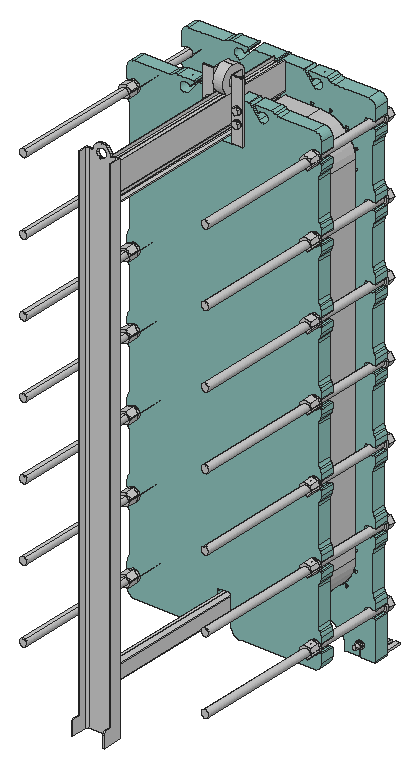
Revit family "MIT 585 - Heat Exchanger", category Specialty Equipment, Revit 2022 (continued)
Automatic sketch dimensions
  level to Extrusion 9 sketch curve = 488.474 mm
  Extrusion 9 sketch curve to Extrusion 9 sketch curve = 13.863 mm  (x24)
  Extrusion 9 sketch curve to Extrusion 9 sketch curve = 14.87 mm  (x24)
  Extrusion 9 sketch curve to Extrusion 9 sketch curve = 11.892 mm  (x24)
  Extrusion 9 sketch curve to Extrusion 9 sketch curve = 9.142 mm  (x24)
  Extrusion 9 sketch curve to Extrusion 9 sketch curve = 5.728 mm  (x24)
  Extrusion 9 sketch curve to Extrusion 9 sketch curve = 1.971 mm  (x24)
  Extrusion 10 sketch curve to plane 3 "Center (Left/Right)" = 333.283 mm  (x2)
  Extrusion 10 sketch curve to plane 11 "12" = 40.073 mm  (x2)
  Extrusion 10 sketch curve to Extrusion 10 sketch curve = 0.969 mm  (x2)
  plane 11 "12" to Extrusion 10 sketch curve = 43.687 mm  (x2)
  plane 11 "12" to Extrusion 10 sketch curve = 29.379 mm  (x2)
  Extrusion 10 sketch curve to Extrusion 10 sketch curve = 1.897 mm  (x64)
  Extrusion 10 sketch curve to Extrusion 10 sketch curve = 5.512 mm  (x73)
  Extrusion 10 sketch curve to plane 11 "12" = 26.733 mm  (x2)
  Extrusion 10 sketch curve to plane 11 "12" = 51.516 mm  (x4)
  Extrusion 10 sketch curve to Extrusion 10 sketch curve = 8.797 mm  (x65)
  plane 11 "12" to Extrusion 10 sketch curve = 52.484 mm  (x2)
  Extrusion 10 sketch curve to Extrusion 10 sketch curve = 11.443 mm  (x62)
  plane 11 "12" to Extrusion 10 sketch curve = 23.867 mm  (x4)
  Extrusion 10 sketch curve to Extrusion 10 sketch curve = 13.34 mm  (x84)
  Extrusion 10 sketch curve to Extrusion 10 sketch curve = 14.309 mm  (x92)
  Extrusion 10 sketch curve to plane 11 "12" = 24.836 mm  (x2)
  Extrusion 10 sketch curve to plane 11 "12" = 49.619 mm  (x2)
  plane 11 "12" to Extrusion 10 sketch curve = 46.973 mm  (x2)
  plane 11 "12" to Extrusion 10 sketch curve = 32.664 mm  (x2)
  Extrusion 10 sketch curve to plane 11 "12" = 36.279 mm  (x2)
  Extrusion 10 sketch curve to plane 11 "12" = 102.401 mm  (x2)
  Extrusion 10 sketch curve to Extrusion 10 sketch curve = 15.07 mm  (x4)
  plane 11 "12" to Extrusion 10 sketch curve = 102.401 mm  (x2)
  Extrusion 10 sketch curve to Extrusion 10 sketch curve = 25.764 mm  (x4)
  plane 11 "12" to Extrusion 10 sketch curve = 115.741 mm  (x2)
  Extrusion 10 sketch curve to plane 11 "12" = 115.741 mm  (x2)
  plane 11 "12" to Extrusion 10 sketch curve = 90.958 mm  (x2)
  Extrusion 10 sketch curve to plane 11 "12" = 90.958 mm  (x2)
  Extrusion 10 sketch curve to plane 11 "12" = 117.638 mm  (x2)
  plane 11 "12" to Extrusion 10 sketch curve = 117.638 mm  (x2)
  Extrusion 10 sketch curve to plane 11 "12" = 92.855 mm  (x2)
  plane 11 "12" to Extrusion 10 sketch curve = 92.855 mm  (x2)
  Extrusion 10 sketch curve to plane 11 "12" = 106.195 mm  (x2)
  plane 11 "12" to Extrusion 10 sketch curve = 106.195 mm  (x2)
  Extrusion 10 sketch curve to Extrusion 10 sketch curve = 46.302 mm  (x4)
  Extrusion 10 sketch curve to Extrusion 10 sketch curve = 47.271 mm  (x4)
  Extrusion 10 sketch curve to Extrusion 10 sketch curve = 47.734 mm  (x4)
  Extrusion 10 sketch curve to Extrusion 10 sketch curve = 49.672 mm  (x4)
  Extrusion 10 sketch curve to Extrusion 10 sketch curve = 43.017 mm  (x4)
  Extrusion 10 sketch curve to Extrusion 10 sketch curve = 40.371 mm  (x4)
  Extrusion 10 sketch curve to plane 3 "Center (Left/Right)" = 48.335 mm  (x2)
  Extrusion 10 sketch curve to plane 3 "Center (Left/Right)" = 47.366 mm  (x2)
  plane 3 "Center (Left/Right)" to Extrusion 10 sketch curve = 19.717 mm  (x2)
  plane 3 "Center (Left/Right)" to Extrusion 10 sketch curve = 20.686 mm  (x2)
  Extrusion 10 sketch curve to Extrusion 10 sketch curve = 18.356 mm  (x2)
  Extrusion 10 sketch curve to Extrusion 10 sketch curve = 19.324 mm  (x2)
  Extrusion 10 sketch curve to Extrusion 10 sketch curve = 22.939 mm  (x7)
  Extrusion 10 sketch curve to Extrusion 10 sketch curve = 0.00 mm  (x4)
  level to Extrusion 10 sketch curve = 502.783 mm
  Extrusion 10 sketch curve to Extrusion 10 sketch curve = 16.039 mm  (x4)
  Extrusion 10 sketch curve to Extrusion 10 sketch curve = 38.474 mm  (x4)
  Extrusion 10 sketch curve to Extrusion 10 sketch curve = 48.703 mm  (x4)
  Extrusion 10 sketch curve to Extrusion 10 sketch curve = 41.339 mm  (x4)
  Extrusion 10 sketch curve to Extrusion 10 sketch curve = 26.733 mm  (x2)
  Extrusion 10 sketch curve to Extrusion 10 sketch curve = 43.985 mm  (x2)
  Extrusion 10 sketch curve to Extrusion 10 sketch curve = 21.97 mm  (x4)
  Extrusion 11 sketch curve to plane 3 "Center (Left/Right)" = 12.714 mm  (x4)
  Extrusion 11 sketch curve to plane 3 "Center (Left/Right)" = 12.274 mm  (x4)
  Extrusion 11 sketch curve to plane 3 "Center (Left/Right)" = 0.441 mm  (x4)
  plane 3 "Center (Left/Right)" to Extrusion 11 sketch curve = 0.443 mm  (x4)
  plane 3 "Center (Left/Right)" to Extrusion 11 sketch curve = 12.274 mm  (x4)
  plane 3 "Center (Left/Right)" to Extrusion 11 sketch curve = 12.715 mm  (x4)
  level to Extrusion 11 sketch curve = 138.567 mm
  Extrusion 11 sketch curve to Extrusion 11 sketch curve = 6.833 mm  (x4)
  Extrusion 11 sketch curve to Extrusion 11 sketch curve = 7.594 mm  (x4)
  Extrusion 11 sketch curve to Extrusion 11 sketch curve = 14.424 mm  (x4)
  Extrusion 11 sketch curve to Extrusion 11 sketch curve = 14.427 mm  (x4)
  Extrusion 11 sketch curve to Extrusion 11 sketch curve = 7.595 mm  (x4)
  Extrusion 11 sketch curve to Extrusion 11 sketch curve = 31.148 mm  (x2)
  plane 11 "12" to Extrusion 11 sketch curve = 153.067 mm
  Extrusion 12 sketch curve to plane 8 "3" = 0.00 mm
  Extrusion 12 sketch curve to plane 3 "Center (Left/Right)" = 67.50 mm
  Extrusion 12 sketch curve to Extrusion 12 sketch curve = 5.00 mm
  Extrusion 12 sketch curve to plane 8 "3" = 8.00 mm
  Extrusion 12 sketch curve to Extrusion 12 sketch curve = 10.00 mm
  plane 3 "Center (Left/Right)" to Extrusion 12 sketch curve = 52.50 mm
  plane 3 "Center (Left/Right)" to Extrusion 12 sketch curve = 62.50 mm
  Extrusion 12 sketch curve to Extrusion 12 sketch curve = 15.00 mm
  Extrusion 13 sketch curve to Extrusion 13 sketch curve = 0.00 mm  (x168)
  Extrusion 13 sketch curve to plane 3 "Center (Left/Right)" = 373.00 mm  (x2)
  Extrusion 13 sketch curve to plane 11 "12" = 149.00 mm  (x2)
  plane 11 "12" to Extrusion 13 sketch curve = 151.00 mm  (x2)
  plane 3 "Center (Left/Right)" to Extrusion 13 sketch curve = 373.00 mm  (x2)
  Extrusion 13 sketch curve to Extrusion 13 sketch curve = 300.00 mm  (x6)
  Extrusion 13 sketch curve to Extrusion 13 sketch curve = 299.656 mm  (x2)
  Extrusion 13 sketch curve to Extrusion 13 sketch curve = 0.344 mm  (x2)
  level to Extrusion 13 sketch curve = 175.00 mm  (x2)
  Extrusion 13 sketch curve to Extrusion 13 sketch curve = 12.272 mm  (x19)
  Extrusion 13 sketch curve to Extrusion 13 sketch curve = 13.249 mm  (x2)
  Extrusion 13 sketch curve to Extrusion 13 sketch curve = 13.25 mm  (x24)
  Extrusion 13 sketch curve to Extrusion 13 sketch curve = 0.977 mm  (x3)
  Extrusion 13 sketch curve to Extrusion 13 sketch curve = 0.978 mm  (x6)
  Extrusion 13 sketch curve to Extrusion 13 sketch curve = 0.036 mm  (x12)
  Extrusion 13 sketch curve to Extrusion 13 sketch curve = 21.745 mm  (x2)
  Extrusion 13 sketch curve to Extrusion 13 sketch curve = 21.781 mm  (x10)
  Extrusion 13 sketch curve to Extrusion 13 sketch curve = 21.437 mm  (x2)
  Extrusion 13 sketch curve to Extrusion 13 sketch curve = 0.172 mm  (x2)
  Extrusion 14 sketch curve to Extrusion 14 sketch curve = 0.00 mm  (x16)
  Extrusion 14 sketch curve to Extrusion 2 = 6.90 mm  (x14)
  Extrusion 2 to Extrusion 14 sketch curve = 4.613 mm  (x14)
  Extrusion 14 sketch curve to Extrusion 2 = 0.287 mm  (x14)
  Extrusion 14 sketch curve to Extrusion 2 = 14.00 mm  (x2)
  Extrusion 14 sketch curve to Extrusion 2 = 9.388 mm  (x2)
  Extrusion 14 sketch curve to Extrusion 2 = 21.10 mm  (x14)
  Extrusion 14 sketch curve to Extrusion 2 = 9.341 mm  (x24)
  Extrusion 14 sketch curve to Extrusion 2 = 2.695 mm  (x24)
  Extrusion 14 sketch curve to Extrusion 14 sketch curve = 25.713 mm  (x18)
  Extrusion 14 sketch curve to Extrusion 2 = 2.648 mm  (x2)
  Extrusion 14 sketch curve to Extrusion 14 sketch curve = 18.613 mm  (x7)
  Extrusion 2 to Extrusion 14 sketch curve = 9.557 mm  (x2)
  Extrusion 2 to Extrusion 14 sketch curve = 9.603 mm  (x22)
  Extrusion 14 sketch curve to Extrusion 2 = 3.426 mm  (x2)
  Extrusion 14 sketch curve to Extrusion 14 sketch curve = 7.10 mm  (x2)
  Extrusion 14 sketch curve to Extrusion 2 = 39.713 mm
  Extrusion 14 sketch curve to Extrusion 2 = 9.294 mm  (x2)
  Extrusion 2 to Extrusion 14 sketch curve = 9.65 mm  (x2)
  Extrusion 2 to Extrusion 14 sketch curve = 16.203 mm  (x2)
  Extrusion 14 sketch curve to Extrusion 2 = 2.742 mm  (x2)
  Extrusion 14 sketch curve to Extrusion 2 = 4.714 mm  (x12)
  Extrusion 14 sketch curve to Extrusion 2 = 0.621 mm  (x2)
  Extrusion 2 to Extrusion 14 sketch curve = 6.798 mm  (x12)
  Extrusion 14 sketch curve to Extrusion 14 sketch curve = 9.286 mm  (x2)
  Extrusion 2 to Extrusion 14 sketch curve = 6.845 mm  (x2)
  Extrusion 15 sketch curve to Extrusion 15 sketch curve = 0.00 mm  (x14)
  Extrusion 15 sketch curve to Extrusion 2 = 1.996 mm  (x28)
  Extrusion 16 sketch curve to plane 3 "Center (Left/Right)" = 399.558 mm  (x3)
  Extrusion 16 sketch curve to Extrusion 16 sketch curve = 0.00 mm  (x7)
  plane 11 "12" to Extrusion 16 sketch curve = 150.928 mm  (x2)
  Extrusion 16 sketch curve to plane 11 "12" = 149.072 mm  (x2)
  level to Extrusion 16 sketch curve = 174.84 mm  (x2)
  Extrusion 16 sketch curve to Extrusion 16 sketch curve = 13.217 mm  (x21)
  Extrusion 16 sketch curve to plane 11 "12" = 126.036 mm  (x2)
  plane 11 "12" to Extrusion 16 sketch curve = 173.964 mm  (x2)
  Extrusion 16 sketch curve to Extrusion 16 sketch curve = 13.341 mm  (x21)
  Extrusion 16 sketch curve to plane 11 "12" = 172.036 mm  (x2)
  plane 11 "12" to Extrusion 16 sketch curve = 127.964 mm  (x2)
  level to Extrusion 16 sketch curve = 151.876 mm  (x2)
  Extrusion 16 sketch curve to plane 11 "12" = 125.964 mm  (x2)
  Extrusion 16 sketch curve to Extrusion 16 sketch curve = 26.558 mm  (x28)
  plane 11 "12" to Extrusion 16 sketch curve = 174.036 mm  (x2)
  level to Extrusion 16 sketch curve = 151.948 mm  (x2)
  plane 11 "12" to Extrusion 16 sketch curve = 128.036 mm  (x2)
  Extrusion 16 sketch curve to plane 11 "12" = 171.964 mm  (x2)
  plane 11 "12" to Extrusion 16 sketch curve = 151.072 mm  (x2)
  Extrusion 16 sketch curve to plane 11 "12" = 148.928 mm  (x2)
  plane 3 "Center (Left/Right)" to Extrusion 16 sketch curve = 346.442 mm  (x4)
  Extrusion 16 sketch curve to Extrusion 16 sketch curve = 23.036 mm  (x20)
  Extrusion 16 sketch curve to Extrusion 16 sketch curve = 22.964 mm  (x18)
  Extrusion 16 sketch curve to Extrusion 16 sketch curve = 254.432 mm  (x2)
  Extrusion 16 sketch curve to Extrusion 16 sketch curve = 0.072 mm  (x8)
  Extrusion 16 sketch curve to Extrusion 16 sketch curve = 254.00 mm  (x4)
  Extrusion 16 sketch curve to Extrusion 16 sketch curve = 253.656 mm  (x2)
  Extrusion 17 sketch curve to Extrusion 17 sketch curve = 0.00 mm  (x159)
  Extrusion 17 sketch curve to plane 11 "12" = 0.00 mm  (x2)
  Extrusion 17 sketch curve to plane 11 "12" = 38.176 mm  (x4)
  Extrusion 17 sketch curve to plane 3 "Center (Left/Right)" = 318.974 mm  (x2)
  Extrusion 17 sketch curve to Extrusion 17 sketch curve = 38.176 mm  (x22)
  Extrusion 17 sketch curve to Extrusion 17 sketch curve = 66.122 mm  (x26)
  Extrusion 17 sketch curve to Extrusion 17 sketch curve = 76.352 mm  (x11)
  Extrusion 17 sketch curve to plane 3 "Center (Left/Right)" = 72.202 mm  (x4)
  Extrusion 17 sketch curve to plane 3 "Center (Left/Right)" = 34.026 mm  (x4)
  plane 3 "Center (Left/Right)" to Extrusion 17 sketch curve = 34.026 mm  (x4)
  plane 3 "Center (Left/Right)" to Extrusion 17 sketch curve = 72.202 mm  (x4)
  Extrusion 17 sketch curve to plane 11 "12" = 104.298 mm
  level to Extrusion 17 sketch curve = 488.474 mm
  plane 11 "12" to Extrusion 17 sketch curve = 38.176 mm  (x4)
  Extrusion 17 sketch curve to Extrusion 17 sketch curve = 4.75 mm  (x2)
  Extrusion 17 sketch curve to Extrusion 17 sketch curve = 7.00 mm  (x48)
  Extrusion 17 sketch curve to Extrusion 17 sketch curve = 39.562 mm  (x4)
  Extrusion 17 sketch curve to Extrusion 17 sketch curve = 46.562 mm  (x4)
  Extrusion 17 sketch curve to plane 3 "Center (Left/Right)" = 29.276 mm  (x2)
  plane 3 "Center (Left/Right)" to Extrusion 17 sketch curve = 29.276 mm  (x2)
  Extrusion 17 sketch curve to Extrusion 17 sketch curve = 35.926 mm  (x2)
  Extrusion 17 sketch curve to Extrusion 17 sketch curve = 17.199 mm  (x4)
  Extrusion 17 sketch curve to Extrusion 17 sketch curve = 19.298 mm  (x4)
  plane 1 "Center (Front/Back)" to Extrusion 18 sketch curve = 0.00 mm
  plane 9 "Bolt End" to Extrusion 18 sketch curve = 26.30 mm  (x4)
  Extrusion 18 sketch curve to Extrusion 18 sketch curve = 6.164 mm  (x8)
  Extrusion 18 sketch curve to Extrusion 18 sketch curve = 33.836 mm
  Extrusion 18 sketch curve to Extrusion 18 sketch curve = 0.00 mm  (x4)
  plane 3 "Center (Left/Right)" to Extrusion 18 sketch curve = 367.531 mm
  Extrusion 18 sketch curve to Extrusion 18 sketch curve = 8.50 mm  (x4)
  Extrusion 18 sketch curve to Extrusion 18 sketch curve = 33.00 mm  (x2)
  Extrusion 18 sketch curve to Extrusion 18 sketch curve = 16.00 mm  (x2)
  Extrusion 18 sketch curve to plane 3 "Center (Left/Right)" = 284.375 mm
  Extrusion 19 sketch curve to plane 1 "Center (Front/Back)" = 0.00 mm
  Extrusion 19 sketch curve to level = 0.00 mm
  level to Extrusion 19 sketch curve = 3.00 mm
  Extrusion 19 sketch curve to plane 1 "Center (Front/Back)" = 8.00 mm
  Extrusion 19 sketch curve to Extrusion 19 sketch curve = 3.00 mm
  plane 9 "Bolt End" to Extrusion 19 sketch curve = 66.30 mm
  Extrusion 19 sketch curve to Extrusion 19 sketch curve = 8.00 mm
  Extrusion 19 sketch curve to Extrusion 19 sketch curve = 74.00 mm
  Extrusion 20 sketch curve to Extrusion 20 sketch curve = 0.00 mm  (x8)
  Extrusion 20 sketch curve to plane 3 "Center (Left/Right)" = 0.00 mm  (x4)
  level to Extrusion 20 sketch curve = 153.00 mm
  Extrusion 20 sketch curve to Extrusion 20 sketch curve = 60.00 mm  (x2)
  plane 11 "12" to Extrusion 20 sketch curve = 167.50 mm
  Extrusion 20 sketch curve to plane 3 "Center (Left/Right)" = 11.341 mm  (x2)
  plane 3 "Center (Left/Right)" to Extrusion 20 sketch curve = 11.341 mm  (x2)
  Extrusion 20 sketch curve to Extrusion 20 sketch curve = 15.00 mm  (x2)
  Extrusion 20 sketch curve to Extrusion 20 sketch curve = 9.817 mm  (x2)
  Extrusion 21 sketch curve to Extrusion 21 sketch curve = 0.00 mm  (x49)
  Extrusion 21 sketch curve to plane 11 "12" = 0.00 mm  (x2)
  Extrusion 21 sketch curve to plane 3 "Center (Left/Right)" = 176.50 mm  (x2)
  plane 3 "Center (Left/Right)" to Extrusion 21 sketch curve = 176.50 mm  (x2)
  level to Extrusion 21 sketch curve = 346.00 mm
  Extrusion 21 sketch curve to Extrusion 21 sketch curve = 90.00 mm  (x2)
  Extrusion 21 sketch curve to Extrusion 21 sketch curve = 26.047 mm  (x6)
  Extrusion 21 sketch curve to plane 3 "Center (Left/Right)" = 60.453 mm  (x2)
  plane 3 "Center (Left/Right)" to Extrusion 21 sketch curve = 60.453 mm  (x2)
  Extrusion 21 sketch curve to plane 11 "12" = 67.00 mm  (x2)
  Extrusion 21 sketch curve to Extrusion 21 sketch curve = 67.00 mm  (x2)
  Extrusion 22 sketch curve to Extrusion 22 sketch curve = 0.00 mm  (x7)
  Extrusion 2 to Extrusion 22 sketch curve = 4.00 mm  (x2)
  Extrusion 2 to Extrusion 22 sketch curve = 0.538 mm  (x2)
  Extrusion 22 sketch curve to Extrusion 2 = 23.75 mm  (x2)
  Extrusion 2 to Extrusion 22 sketch curve = 10.067 mm  (x2)
  Extrusion 2 to Extrusion 22 sketch curve = 3.00 mm  (x2)
  Extrusion 2 to Extrusion 22 sketch curve = 80.567 mm
  Extrusion 2 to Extrusion 22 sketch curve = 1.901 mm  (x8)
  Extrusion 22 sketch curve to Extrusion 22 sketch curve = 7.924 mm  (x2)
  Extrusion 23 sketch curve to Extrusion 22 = 0.00 mm  (x5)
  Extrusion 22 to Extrusion 23 sketch curve = 0.00 mm
  Extrusion 23 sketch curve to Extrusion 22 = 4.00 mm
  Extrusion 23 sketch curve to Extrusion 23 sketch curve = 4.00 mm
  Extrusion 24 sketch curve to Extrusion 24 sketch curve = 0.00 mm  (x2)
  Extrusion 24 sketch curve to Extrusion 23 = 34.07 mm
  Extrusion 23 to Extrusion 24 sketch curve = 17.687 mm
  Extrusion 25 sketch curve to Extrusion 23 = 34.062 mm
  Extrusion 23 to Extrusion 25 sketch curve = 17.688 mm
  Extrusion 26 sketch curve to Extrusion 26 sketch curve = 0.00 mm  (x2)
  Extrusion 26 sketch curve to Extrusion 23 = 34.07 mm
  Extrusion 23 to Extrusion 26 sketch curve = 17.687 mm
  Extrusion 26 sketch curve to Extrusion 26 sketch curve = 2.062 mm  (x2)
  Extrusion 26 sketch curve to Extrusion 26 sketch curve = 7.73 mm
  Extrusion 23 to Extrusion 27 sketch curve = 20.475 mm
  Extrusion 27 sketch curve to Extrusion 23 = 46.883 mm
  Extrusion 23 to Extrusion 27 sketch curve = 7.51 mm
  Extrusion 27 sketch curve to Extrusion 27 sketch curve = 3.083 mm
  Extrusion 23 to Extrusion 27 sketch curve = 11.298 mm
  Extrusion 27 sketch curve to Extrusion 27 sketch curve = 9.73 mm  (x2)
  Extrusion 23 to Extrusion 27 sketch curve = 3.673 mm
  Extrusion 27 sketch curve to Extrusion 27 sketch curve = 12.813 mm  (x2)
  Extrusion 23 to Extrusion 27 sketch curve = 12.85 mm
  Extrusion 27 sketch curve to Extrusion 27 sketch curve = 3.837 mm
  Extrusion 28 sketch curve to Extrusion 28 sketch curve = 0.00 mm  (x2)
  Extrusion 28 sketch curve to Extrusion 23 = 34.07 mm
  Extrusion 23 to Extrusion 28 sketch curve = 17.687 mm
  Extrusion 28 sketch curve to Extrusion 28 sketch curve = 14.098 mm  (x2)
  Extrusion 23 to Extrusion 28 sketch curve = 12.565 mm
  Extrusion 29 sketch curve to Extrusion 29 sketch curve = 0.00 mm  (x8)
  Extrusion 2 to Extrusion 29 sketch curve = 0.542 mm  (x4)
  Extrusion 2 to Extrusion 29 sketch curve = 2.956 mm  (x4)
  Extrusion 29 sketch curve to Extrusion 2 = 3.488 mm  (x4)
  Extrusion 29 sketch curve to Extrusion 2 = 12.96 mm  (x4)
  Extrusion 29 sketch curve to Extrusion 2 = 3.205 mm  (x4)
  Extrusion 30 sketch curve to Extrusion 2 = 3.331 mm  (x2)
  Extrusion 30 sketch curve to Extrusion 2 = 12.451 mm  (x4)
  Extrusion 30 sketch curve to Extrusion 2 = 3.153 mm  (x2)
  Extrusion 30 sketch curve to Extrusion 2 = 5.065 mm  (x4)
  Extrusion 30 sketch curve to Extrusion 2 = 11.398 mm  (x4)
  Extrusion 30 sketch curve to Extrusion 2 = 0.51 mm  (x4)
  Extrusion 2 to Extrusion 30 sketch curve = 1.595 mm  (x4)
  Extrusion 30 sketch curve to Extrusion 2 = 4.767 mm  (x4)
  Extrusion 30 sketch curve to Extrusion 2 = 3.715 mm  (x4)
  Extrusion 30 sketch curve to Extrusion 2 = 11.351 mm  (x4)
  Extrusion 30 sketch curve to Extrusion 2 = 3.242 mm  (x4)
  Extrusion 30 sketch curve to Extrusion 2 = 4.976 mm  (x2)
  Extrusion 30 sketch curve to Extrusion 2 = 11.262 mm  (x2)
  Extrusion 30 sketch curve to Extrusion 2 = 5.153 mm  (x2)
  Extrusion 30 sketch curve to Extrusion 2 = 2.488 mm  (x2)
  Extrusion 31 sketch curve to Extrusion 31 sketch curve = 0.00 mm  (x6)
  Extrusion 2 to Extrusion 31 sketch curve = 0.538 mm  (x2)
  Extrusion 2 to Extrusion 31 sketch curve = 3.00 mm  (x2)
  Extrusion 2 to Extrusion 31 sketch curve = 0.498 mm  (x2)
  Extrusion 2 to Extrusion 31 sketch curve = 0.587 mm  (x2)
  Extrusion 2 to Extrusion 31 sketch curve = 0.582 mm  (x2)
  Extrusion 2 to Extrusion 31 sketch curve = 0.493 mm  (x2)
  Extrusion 31 sketch curve to Extrusion 2 = 12.00 mm  (x2)
  Extrusion 32 sketch curve to Extrusion 2 = 3.475 mm  (x2)
  Extrusion 32 sketch curve to Extrusion 2 = 11.065 mm  (x4)
  Extrusion 32 sketch curve to Extrusion 2 = 3.653 mm  (x6)
  Extrusion 32 sketch curve to Extrusion 2 = 3.722 mm  (x6)
  Extrusion 32 sketch curve to Extrusion 2 = 11.026 mm  (x4)
  Extrusion 2 to Extrusion 32 sketch curve = 0.498 mm  (x4)
  Extrusion 2 to Extrusion 32 sketch curve = 0.577 mm  (x4)
  Extrusion 32 sketch curve to Extrusion 2 = 5.149 mm  (x4)
  Extrusion 32 sketch curve to Extrusion 2 = 5.11 mm  (x4)
  Extrusion 32 sketch curve to Extrusion 2 = 10.375 mm  (x4)
  Extrusion 32 sketch curve to Extrusion 2 = 3.544 mm  (x2)
  Extrusion 32 sketch curve to Extrusion 2 = 10.197 mm  (x2)
  Extrusion 32 sketch curve to Extrusion 2 = 3.553 mm  (x2)
  Extrusion 33 sketch curve to Extrusion 33 sketch curve = 0.00 mm  (x6)
  Extrusion 2 to Extrusion 33 sketch curve = 0.538 mm  (x2)
  Extrusion 2 to Extrusion 33 sketch curve = 3.00 mm  (x2)
  Extrusion 2 to Extrusion 33 sketch curve = 1.901 mm  (x8)
  Extrusion 33 sketch curve to Extrusion 33 sketch curve = 7.924 mm  (x2)
  Extrusion 34 sketch curve to Extrusion 34 sketch curve = 0.00 mm  (x8)
  Extrusion 34 sketch curve to plane 11 "12" = 0.00 mm  (x2)
  Extrusion 34 sketch curve to plane 3 "Center (Left/Right)" = 0.00 mm  (x2)
  plane 3 "Center (Left/Right)" to Extrusion 34 sketch curve = 7.916 mm  (x2)
  plane 3 "Center (Left/Right)" to Extrusion 34 sketch curve = 20.50 mm  (x2)
  Extrusion 34 sketch curve to Extrusion 34 sketch curve = 17.548 mm  (x4)
  Extrusion 34 sketch curve to Extrusion 34 sketch curve = 2.536 mm  (x4)
  Extrusion 34 sketch curve to Extrusion 34 sketch curve = 9.50 mm  (x4)
  Extrusion 34 sketch curve to Extrusion 34 sketch curve = 3.943 mm  (x4)
  Extrusion 34 sketch curve to Extrusion 34 sketch curve = 142.00 mm  (x4)
  Extrusion 34 sketch curve to Extrusion 34 sketch curve = 4.50 mm  (x4)
  Extrusion 34 sketch curve to plane 11 "12" = 5.00 mm  (x2)
  Extrusion 34 sketch curve to Extrusion 34 sketch curve = 135.50 mm  (x2)
  Extrusion 34 sketch curve to plane 3 "Center (Left/Right)" = 7.916 mm  (x2)
  Extrusion 34 sketch curve to plane 3 "Center (Left/Right)" = 20.50 mm  (x2)
  level to Extrusion 34 sketch curve = 351.00 mm
  Extrusion 34 sketch curve to Extrusion 34 sketch curve = 140.00 mm
  Extrusion 34 sketch curve to Extrusion 34 sketch curve = 5.00 mm  (x2)
  Extrusion 34 sketch curve to Extrusion 34 sketch curve = 44.231 mm  (x2)
  Extrusion 34 sketch curve to Extrusion 34 sketch curve = 8.793 mm  (x4)
  Extrusion 34 sketch curve to Extrusion 34 sketch curve = 5.438 mm  (x4)
  Extrusion 34 sketch curve to Extrusion 34 sketch curve = 16.976 mm  (x2)
  Extrusion 34 sketch curve to Extrusion 34 sketch curve = 9.978 mm  (x4)
  Extrusion 34 sketch curve to Extrusion 34 sketch curve = 6.00 mm  (x4)
  plane 3 "Center (Left/Right)" to Extrusion 34 sketch curve = 76.50 mm  (x2)
  Extrusion 34 sketch curve to plane 3 "Center (Left/Right)" = 76.50 mm  (x2)
  Extrusion 35 sketch curve to Extrusion 35 sketch curve = 0.00 mm  (x3)
  Extrusion 12 to Extrusion 35 sketch curve = 15.00 mm  (x2)
  Extrusion 35 sketch curve to Extrusion 12 = 17.00 mm
  Extrusion 35 sketch curve to Extrusion 35 sketch curve = 35.50 mm
  Extrusion 12 to Extrusion 35 sketch curve = 37.394 mm
  Extrusion 35 sketch curve to Extrusion 35 sketch curve = 1.50 mm
  Extrusion 35 sketch curve to Extrusion 12 = 41.474 mm
  Extrusion 35 sketch curve to Extrusion 35 sketch curve = 15.50 mm
  Extrusion 36 sketch curve to Extrusion 12 = 0.00 mm
  Extrusion 36 sketch curve to Extrusion 36 sketch curve = 15.00 mm
  Extrusion 36 sketch curve to Extrusion 36 sketch curve = 35.00 mm
  Extrusion 12 to Extrusion 36 sketch curve = 35.894 mm
  Extrusion 12 to Extrusion 36 sketch curve = 60.00 mm
  Extrusion 37 sketch curve to Extrusion 37 sketch curve = 0.00 mm  (x4)
  level to Extrusion 37 sketch curve = 45.00 mm  (x2)
  Extrusion 37 sketch curve to plane 3 "Center (Left/Right)" = 334.00 mm
  plane 3 "Center (Left/Right)" to Extrusion 37 sketch curve = 334.00 mm
  Extrusion 37 sketch curve to Extrusion 37 sketch curve = 5.728 mm  (x4)
  Extrusion 37 sketch curve to Extrusion 37 sketch curve = 13.863 mm  (x2)
  Extrusion 38 sketch curve to Extrusion 38 sketch curve = 0.00 mm  (x13)
  Extrusion 38 sketch curve to level = 0.00 mm  (x2)
  Extrusion 38 sketch curve to plane 11 "12" = 0.00 mm  (x2)
  Extrusion 38 sketch curve to plane 3 "Center (Left/Right)" = 0.00 mm  (x4)
  Extrusion 38 sketch curve to plane 3 "Center (Left/Right)" = 160.00 mm
  Extrusion 38 sketch curve to plane 3 "Center (Left/Right)" = 176.50 mm  (x2)
  Extrusion 38 sketch curve to Extrusion 38 sketch curve = 39.50 mm  (x2)
  level to Extrusion 38 sketch curve = 90.00 mm
  Extrusion 38 sketch curve to plane 3 "Center (Left/Right)" = 217.787 mm
  Extrusion 38 sketch curve to Extrusion 38 sketch curve = 20.785 mm  (x2)
  level to Extrusion 38 sketch curve = 85.607 mm  (x2)
  Extrusion 38 sketch curve to Extrusion 38 sketch curve = 10.607 mm  (x4)
  Extrusion 38 sketch curve to Extrusion 38 sketch curve = 36.213 mm  (x2)
  level to Extrusion 38 sketch curve = 49.393 mm  (x2)
  Extrusion 38 sketch curve to Extrusion 38 sketch curve = 4.393 mm
  level to Extrusion 38 sketch curve = 5.00 mm  (x3)
  Extrusion 38 sketch curve to Extrusion 38 sketch curve = 65.00 mm  (x2)
  Extrusion 38 sketch curve to Extrusion 38 sketch curve = 148.715 mm  (x2)
  Extrusion 38 sketch curve to Extrusion 38 sketch curve = 4.00 mm  (x2)
  Extrusion 38 sketch curve to Extrusion 38 sketch curve = 196.50 mm  (x4)
  Extrusion 38 sketch curve to Extrusion 38 sketch curve = 39.00 mm  (x2)
  Extrusion 38 sketch curve to Extrusion 38 sketch curve = 60.00 mm  (x4)
  Extrusion 38 sketch curve to Extrusion 38 sketch curve = 30.00 mm
  plane 3 "Center (Left/Right)" to Extrusion 38 sketch curve = 160.00 mm
  plane 3 "Center (Left/Right)" to Extrusion 38 sketch curve = 176.50 mm  (x2)
  plane 3 "Center (Left/Right)" to Extrusion 38 sketch curve = 217.787 mm
  Extrusion 38 sketch curve to Extrusion 38 sketch curve = 15.00 mm
  plane 3 "Center (Left/Right)" to Extrusion 38 sketch curve = 373.00 mm
  level to Extrusion 38 sketch curve = 45.00 mm  (x2)
  level to Extrusion 38 sketch curve = 153.00 mm
  Extrusion 38 sketch curve to Extrusion 38 sketch curve = 130.00 mm  (x2)
  Extrusion 38 sketch curve to Extrusion 38 sketch curve = 133.00 mm  (x2)
  Extrusion 38 sketch curve to Extrusion 38 sketch curve = 129.00 mm  (x2)
  Extrusion 38 sketch curve to Extrusion 38 sketch curve = 300.00 mm  (x6)
  Extrusion 38 sketch curve to plane 11 "12" = 149.00 mm  (x2)
  plane 11 "12" to Extrusion 38 sketch curve = 151.00 mm  (x2)
  plane 11 "12" to Extrusion 38 sketch curve = 167.50 mm
  Extrusion 38 sketch curve to Extrusion 38 sketch curve = 63.00 mm  (x2)
  Extrusion 38 sketch curve to Extrusion 38 sketch curve = 23.00 mm  (x2)
  Extrusion 38 sketch curve to Extrusion 38 sketch curve = 12.00 mm
  Extrusion 38 sketch curve to plane 3 "Center (Left/Right)" = 60.453 mm  (x2)
  plane 11 "12" to Extrusion 38 sketch curve = 67.00 mm  (x2)
  Extrusion 38 sketch curve to Extrusion 38 sketch curve = 80.453 mm  (x4)
  plane 3 "Center (Left/Right)" to Extrusion 38 sketch curve = 60.453 mm  (x2)
  Extrusion 38 sketch curve to Extrusion 38 sketch curve = 66.00 mm  (x2)
  level to Extrusion 39 sketch curve = 90.00 mm  (x2)
  plane 3 "Center (Left/Right)" to Extrusion 39 sketch curve = 399.00 mm
  plane 3 "Center (Left/Right)" to Extrusion 39 sketch curve = 373.00 mm
  Extrusion 39 sketch curve to Extrusion 39 sketch curve = 0.00 mm  (x10)
  Extrusion 39 sketch curve to plane 11 "12" = 149.00 mm  (x2)
  Extrusion 39 sketch curve to Extrusion 39 sketch curve = 26.00 mm  (x3)
  Extrusion 39 sketch curve to Extrusion 39 sketch curve = 30.00 mm
  Extrusion 39 sketch curve to Extrusion 39 sketch curve = 148.715 mm  (x2)
  Extrusion 39 sketch curve to Extrusion 39 sketch curve = 20.785 mm  (x2)
  Extrusion 39 sketch curve to Extrusion 39 sketch curve = 39.50 mm  (x2)
  plane 3 "Center (Left/Right)" to Extrusion 39 sketch curve = 58.25 mm
  Extrusion 39 sketch curve to Extrusion 39 sketch curve = 0.542 mm
  Extrusion 39 sketch curve to Extrusion 39 sketch curve = 17.25 mm  (x2)
  Extrusion 39 sketch curve to Extrusion 39 sketch curve = 3.00 mm
  plane 3 "Center (Left/Right)" to Extrusion 39 sketch curve = 27.50 mm
  Extrusion 39 sketch curve to plane 3 "Center (Left/Right)" = 27.50 mm
  Extrusion 39 sketch curve to plane 3 "Center (Left/Right)" = 38.00 mm
  Extrusion 39 sketch curve to plane 3 "Center (Left/Right)" = 41.00 mm
  Extrusion 39 sketch curve to plane 3 "Center (Left/Right)" = 57.708 mm
  Extrusion 39 sketch curve to Extrusion 39 sketch curve = 16.708 mm
  Extrusion 39 sketch curve to Extrusion 39 sketch curve = 101.75 mm
  Extrusion 39 sketch curve to Extrusion 39 sketch curve = 4.00 mm
  Extrusion 39 sketch curve to plane 3 "Center (Left/Right)" = 373.00 mm
  Extrusion 39 sketch curve to Extrusion 39 sketch curve = 85.00 mm  (x2)
  Extrusion 39 sketch curve to Extrusion 39 sketch curve = 160.00 mm
  Extrusion 39 sketch curve to Extrusion 39 sketch curve = 300.00 mm  (x8)
  plane 11 "12" to Extrusion 39 sketch curve = 76.50 mm
  plane 11 "12" to Extrusion 39 sketch curve = 151.00 mm  (x2)
  Extrusion 39 sketch curve to Extrusion 39 sketch curve = 84.572 mm  (x2)
  Extrusion 39 sketch curve to Extrusion 39 sketch curve = 63.00 mm  (x2)
  Extrusion 39 sketch curve to Extrusion 39 sketch curve = 50.00 mm  (x2)
  Extrusion 39 sketch curve to Extrusion 39 sketch curve = 23.00 mm  (x2)
  Extrusion 39 sketch curve to Extrusion 39 sketch curve = 16.928 mm  (x2)
  Extrusion 39 sketch curve to Extrusion 39 sketch curve = 12.00 mm
  Extrusion 39 sketch curve to Extrusion 39 sketch curve = 25.00 mm
  Extrusion 40 sketch curve to Extrusion 40 sketch curve = 0.00 mm  (x49)
  Extrusion 40 sketch curve to plane 11 "12" = 0.00 mm  (x2)
  Extrusion 40 sketch curve to plane 3 "Center (Left/Right)" = 176.50 mm  (x2)
  plane 3 "Center (Left/Right)" to Extrusion 40 sketch curve = 176.50 mm  (x2)
  level to Extrusion 40 sketch curve = 346.00 mm  (x2)
  Extrusion 40 sketch curve to Extrusion 40 sketch curve = 95.912 mm  (x4)
  Extrusion 40 sketch curve to Extrusion 40 sketch curve = 51.312 mm  (x6)
  Extrusion 40 sketch curve to plane 3 "Center (Left/Right)" = 80.588 mm  (x2)
  Extrusion 40 sketch curve to plane 11 "12" = 55.375 mm
  Extrusion 40 sketch curve to plane 3 "Center (Left/Right)" = 29.276 mm  (x2)
  plane 3 "Center (Left/Right)" to Extrusion 40 sketch curve = 29.276 mm  (x2)
  plane 11 "12" to Extrusion 40 sketch curve = 55.375 mm
  Extrusion 40 sketch curve to Extrusion 40 sketch curve = 29.625 mm  (x3)
  Extrusion 40 sketch curve to Extrusion 40 sketch curve = 85.00 mm  (x2)
  Extrusion 41 sketch curve to Extrusion 41 sketch curve = 0.00 mm  (x49)
  Extrusion 41 sketch curve to plane 11 "12" = 0.00 mm  (x2)
  Extrusion 41 sketch curve to plane 3 "Center (Left/Right)" = 176.50 mm  (x2)
  plane 3 "Center (Left/Right)" to Extrusion 41 sketch curve = 176.50 mm  (x2)
  level to Extrusion 41 sketch curve = 346.00 mm
  Extrusion 41 sketch curve to Extrusion 41 sketch curve = 90.00 mm  (x2)
  Extrusion 41 sketch curve to Extrusion 41 sketch curve = 26.047 mm  (x6)
  Extrusion 41 sketch curve to plane 3 "Center (Left/Right)" = 60.453 mm  (x2)
  plane 3 "Center (Left/Right)" to Extrusion 41 sketch curve = 60.453 mm  (x2)
  Extrusion 41 sketch curve to plane 11 "12" = 67.00 mm  (x2)
  Extrusion 41 sketch curve to Extrusion 41 sketch curve = 67.00 mm  (x2)
  Extrusion 42 sketch curve to Extrusion 42 sketch curve = 0.00 mm  (x8)
  Extrusion 42 sketch curve to plane 11 "12" = 0.00 mm  (x2)
  Extrusion 42 sketch curve to plane 3 "Center (Left/Right)" = 0.00 mm  (x2)
  plane 3 "Center (Left/Right)" to Extrusion 42 sketch curve = 7.916 mm  (x2)
  plane 3 "Center (Left/Right)" to Extrusion 42 sketch curve = 20.50 mm  (x2)
  Extrusion 42 sketch curve to Extrusion 42 sketch curve = 17.548 mm  (x4)
  Extrusion 42 sketch curve to Extrusion 42 sketch curve = 2.536 mm  (x4)
  Extrusion 42 sketch curve to Extrusion 42 sketch curve = 9.50 mm  (x4)
  Extrusion 42 sketch curve to Extrusion 42 sketch curve = 3.943 mm  (x4)
  Extrusion 42 sketch curve to Extrusion 42 sketch curve = 142.00 mm  (x4)
  Extrusion 42 sketch curve to Extrusion 42 sketch curve = 4.50 mm  (x4)
  Extrusion 42 sketch curve to plane 11 "12" = 5.00 mm  (x2)
  Extrusion 42 sketch curve to Extrusion 42 sketch curve = 135.50 mm  (x2)
  Extrusion 42 sketch curve to plane 3 "Center (Left/Right)" = 7.916 mm  (x2)
  Extrusion 42 sketch curve to plane 3 "Center (Left/Right)" = 20.50 mm  (x2)
  level to Extrusion 42 sketch curve = 351.00 mm
  Extrusion 42 sketch curve to Extrusion 42 sketch curve = 140.00 mm
  Extrusion 42 sketch curve to Extrusion 42 sketch curve = 5.00 mm  (x2)
  Extrusion 42 sketch curve to Extrusion 42 sketch curve = 44.231 mm  (x2)
  Extrusion 42 sketch curve to Extrusion 42 sketch curve = 8.793 mm  (x4)
  Extrusion 42 sketch curve to Extrusion 42 sketch curve = 5.438 mm  (x4)
  Extrusion 42 sketch curve to Extrusion 42 sketch curve = 16.976 mm  (x2)
  Extrusion 42 sketch curve to Extrusion 42 sketch curve = 9.978 mm  (x4)
  Extrusion 42 sketch curve to Extrusion 42 sketch curve = 6.00 mm  (x4)
  plane 3 "Center (Left/Right)" to Extrusion 42 sketch curve = 76.50 mm  (x2)
  Extrusion 42 sketch curve to plane 3 "Center (Left/Right)" = 76.50 mm  (x2)
  Extrusion 43 sketch curve to level = 0.00 mm
  Extrusion 43 sketch curve to plane 3 "Center (Left/Right)" = 0.00 mm  (x4)
  Extrusion 43 sketch curve to plane 3 "Center (Left/Right)" = 160.00 mm
  level to Extrusion 43 sketch curve = 45.00 mm  (x2)
  Extrusion 43 sketch curve to plane 3 "Center (Left/Right)" = 334.00 mm
  Extrusion 43 sketch curve to plane 3 "Center (Left/Right)" = 373.00 mm
  Extrusion 43 sketch curve to Extrusion 43 sketch curve = 213.00 mm  (x2)
  Extrusion 43 sketch curve to Extrusion 43 sketch curve = 0.00 mm  (x7)
  Extrusion 43 sketch curve to plane 11 "12" = 149.00 mm  (x2)
  Extrusion 43 sketch curve to Extrusion 43 sketch curve = 39.00 mm  (x2)
  Extrusion 43 sketch curve to Extrusion 43 sketch curve = 60.00 mm  (x4)
  Extrusion 43 sketch curve to Extrusion 43 sketch curve = 26.00 mm
  plane 3 "Center (Left/Right)" to Extrusion 43 sketch curve = 160.00 mm
  plane 3 "Center (Left/Right)" to Extrusion 43 sketch curve = 334.00 mm
  plane 3 "Center (Left/Right)" to Extrusion 43 sketch curve = 373.00 mm  (x2)
  level to Extrusion 43 sketch curve = 5.00 mm
  level to Extrusion 43 sketch curve = 153.00 mm
  Extrusion 43 sketch curve to Extrusion 43 sketch curve = 130.00 mm  (x2)
  Extrusion 43 sketch curve to Extrusion 43 sketch curve = 300.00 mm  (x8)
  plane 11 "12" to Extrusion 43 sketch curve = 151.00 mm  (x2)
  plane 11 "12" to Extrusion 43 sketch curve = 167.50 mm
  Extrusion 43 sketch curve to Extrusion 43 sketch curve = 53.50 mm  (x2)
  Extrusion 43 sketch curve to Extrusion 43 sketch curve = 105.00 mm
  level to Extrusion 44 sketch curve = 90.00 mm
  plane 3 "Center (Left/Right)" to Extrusion 44 sketch curve = 399.00 mm
  plane 3 "Center (Left/Right)" to Extrusion 44 sketch curve = 373.00 mm  (x2)
  Extrusion 44 sketch curve to plane 11 "12" = 149.00 mm  (x2)
  Extrusion 44 sketch curve to Extrusion 44 sketch curve = 0.00 mm  (x8)
  Extrusion 44 sketch curve to Extrusion 44 sketch curve = 26.00 mm  (x3)
  plane 3 "Center (Left/Right)" to Extrusion 44 sketch curve = 160.00 mm
  plane 3 "Center (Left/Right)" to Extrusion 44 sketch curve = 58.25 mm
  Extrusion 44 sketch curve to Extrusion 44 sketch curve = 0.542 mm
  plane 3 "Center (Left/Right)" to Extrusion 44 sketch curve = 41.00 mm
  Extrusion 44 sketch curve to Extrusion 44 sketch curve = 3.00 mm
  plane 3 "Center (Left/Right)" to Extrusion 44 sketch curve = 27.50 mm
  Extrusion 44 sketch curve to plane 3 "Center (Left/Right)" = 27.50 mm
  Extrusion 44 sketch curve to plane 3 "Center (Left/Right)" = 38.00 mm
  Extrusion 44 sketch curve to plane 3 "Center (Left/Right)" = 41.00 mm
  Extrusion 44 sketch curve to plane 3 "Center (Left/Right)" = 57.708 mm
  Extrusion 44 sketch curve to Extrusion 44 sketch curve = 16.708 mm
  Extrusion 44 sketch curve to Extrusion 44 sketch curve = 17.25 mm
  Extrusion 44 sketch curve to Extrusion 44 sketch curve = 101.75 mm
  Extrusion 44 sketch curve to Extrusion 44 sketch curve = 213.00 mm
  Extrusion 44 sketch curve to plane 3 "Center (Left/Right)" = 373.00 mm
  level to Extrusion 44 sketch curve = 175.00 mm
  Extrusion 44 sketch curve to Extrusion 44 sketch curve = 345.50 mm
  Extrusion 44 sketch curve to Extrusion 44 sketch curve = 85.00 mm  (x2)
  Extrusion 44 sketch curve to Extrusion 44 sketch curve = 160.00 mm
  Extrusion 44 sketch curve to Extrusion 44 sketch curve = 300.00 mm  (x8)
  plane 11 "12" to Extrusion 44 sketch curve = 76.50 mm
  plane 11 "12" to Extrusion 44 sketch curve = 151.00 mm  (x2)
  Extrusion 44 sketch curve to Extrusion 44 sketch curve = 84.572 mm  (x2)
  Extrusion 44 sketch curve to Extrusion 44 sketch curve = 50.00 mm  (x2)
  Extrusion 44 sketch curve to Extrusion 44 sketch curve = 6.928 mm  (x2)
  Extrusion 44 sketch curve to Extrusion 44 sketch curve = 16.928 mm  (x2)
  Extrusion 44 sketch curve to Extrusion 44 sketch curve = 25.00 mm  (x2)
  Extrusion 45 sketch curve to Extrusion 45 sketch curve = 0.00 mm  (x8)
  Extrusion 45 sketch curve to plane 11 "12" = 0.00 mm  (x2)
  Extrusion 45 sketch curve to plane 3 "Center (Left/Right)" = 176.50 mm  (x2)
  plane 3 "Center (Left/Right)" to Extrusion 45 sketch curve = 176.50 mm  (x2)
  level to Extrusion 45 sketch curve = 346.00 mm  (x2)
  Extrusion 45 sketch curve to Extrusion 45 sketch curve = 147.224 mm  (x4)
  plane 11 "12" to Extrusion 45 sketch curve = 85.00 mm  (x2)
  Extrusion 45 sketch curve to plane 3 "Center (Left/Right)" = 29.276 mm  (x2)
  plane 3 "Center (Left/Right)" to Extrusion 45 sketch curve = 29.276 mm  (x2)
  Extrusion 45 sketch curve to Extrusion 45 sketch curve = 85.00 mm  (x2)
  Extrusion 46 sketch curve to plane 3 "Center (Left/Right)" = 0.00 mm  (x2)
  plane 3 "Center (Left/Right)" to Extrusion 46 sketch curve = 7.916 mm  (x2)
  Extrusion 46 sketch curve to Extrusion 46 sketch curve = 12.584 mm  (x2)
  Extrusion 46 sketch curve to Extrusion 46 sketch curve = 17.548 mm  (x4)
  Extrusion 46 sketch curve to Extrusion 46 sketch curve = 2.536 mm  (x4)
  Extrusion 46 sketch curve to Extrusion 46 sketch curve = 9.50 mm  (x4)
  Extrusion 46 sketch curve to Extrusion 46 sketch curve = 3.943 mm  (x4)
  Extrusion 46 sketch curve to Extrusion 46 sketch curve = 142.00 mm
  plane 3 "Center (Left/Right)" to Extrusion 46 sketch curve = 172.00 mm
  Extrusion 46 sketch curve to plane 11 "12" = 5.00 mm  (x2)
  Extrusion 46 sketch curve to Extrusion 46 sketch curve = 140.00 mm  (x2)
  Extrusion 46 sketch curve to plane 3 "Center (Left/Right)" = 7.916 mm  (x2)
  Extrusion 46 sketch curve to plane 3 "Center (Left/Right)" = 20.50 mm  (x2)
  Extrusion 46 sketch curve to plane 3 "Center (Left/Right)" = 172.00 mm  (x2)
  level to Extrusion 46 sketch curve = 351.00 mm  (x2)
  Extrusion 46 sketch curve to Extrusion 46 sketch curve = 44.231 mm  (x2)
  Extrusion 46 sketch curve to Extrusion 46 sketch curve = 8.793 mm  (x4)
  Extrusion 46 sketch curve to Extrusion 46 sketch curve = 5.438 mm  (x4)
  Extrusion 46 sketch curve to Extrusion 46 sketch curve = 16.976 mm  (x2)
  Extrusion 46 sketch curve to Extrusion 46 sketch curve = 9.978 mm  (x4)
  Extrusion 46 sketch curve to Extrusion 46 sketch curve = 6.00 mm  (x4)
  plane 3 "Center (Left/Right)" to Revolve 48 sketch curve = 263.50 mm
  Revolve 48 sketch curve to Revolve 48 sketch curve = 20.75 mm  (x2)
  plane 9 "Bolt End" to Revolve 48 sketch curve = 11.30 mm
  Revolve 48 sketch curve to Revolve 48 sketch curve = 87.00 mm
  Revolve 48 sketch curve to Revolve 48 sketch curve = 320.00 mm
  Revolve 49 sketch curve to plane 7 "1" = 0.00 mm
  plane 1 "Center (Front/Back)" to Revolve 49 sketch curve = 0.00 mm
  Revolve 49 sketch curve to plane 1 "Center (Front/Back)" = 3.00 mm
  Revolve 49 sketch curve to plane 3 "Center (Left/Right)" = 89.50 mm
  Revolve 49 sketch curve to Revolve 49 sketch curve = 20.75 mm  (x2)
  Revolve 49 sketch curve to Revolve 49 sketch curve = 3.00 mm
  plane 9 "Bolt End" to Revolve 49 sketch curve = 11.30 mm
  Revolve 49 sketch curve to Revolve 49 sketch curve = 87.00 mm
  Revolve 49 sketch curve to Revolve 49 sketch curve = 320.00 mm
  Revolve 50 sketch curve to plane 7 "1" = 0.00 mm
  plane 1 "Center (Front/Back)" to Revolve 50 sketch curve = 0.00 mm
  Revolve 50 sketch curve to plane 1 "Center (Front/Back)" = 3.00 mm
  Revolve 50 sketch curve to plane 3 "Center (Left/Right)" = 89.50 mm
  Revolve 50 sketch curve to Revolve 50 sketch curve = 20.75 mm  (x2)
  Revolve 50 sketch curve to Revolve 50 sketch curve = 3.00 mm
  plane 9 "Bolt End" to Revolve 50 sketch curve = 11.30 mm
  Revolve 50 sketch curve to Revolve 50 sketch curve = 87.00 mm
  Revolve 50 sketch curve to Revolve 50 sketch curve = 320.00 mm
  Revolve 51 sketch curve to plane 7 "1" = 0.00 mm
  plane 1 "Center (Front/Back)" to Revolve 51 sketch curve = 0.00 mm
  Revolve 51 sketch curve to plane 1 "Center (Front/Back)" = 3.00 mm
  plane 3 "Center (Left/Right)" to Revolve 51 sketch curve = 263.50 mm
  Revolve 51 sketch curve to Revolve 51 sketch curve = 20.75 mm  (x2)
  Revolve 51 sketch curve to plane 7 "1" = 3.00 mm
  plane 9 "Bolt End" to Revolve 51 sketch curve = 11.30 mm
  Revolve 51 sketch curve to Revolve 51 sketch curve = 87.00 mm
  Revolve 51 sketch curve to Revolve 51 sketch curve = 320.00 mm
  radius of Extrusion 1 to Extrusion 6 sketch curve = 4.50 mm  (x2)
  radius of Extrusion 14 sketch curve to Extrusion 2 = 7.75 mm  (x12)
  radius of Extrusion 2 to Extrusion 15 sketch curve = 4.00 mm  (x14)
  radius of Extrusion 22 sketch curve to Extrusion 2 = 2.50 mm  (x2)
  radius of Extrusion 24 sketch curve = 55.00 mm
  radius of Extrusion 24 sketch curve = 25.00 mm
  radius of Extrusion 25 sketch curve = 24.50 mm
  radius of Extrusion 2 to Extrusion 31 sketch curve = 4.50 mm  (x2)
  radius of Extrusion 33 sketch curve to Extrusion 2 = 2.50 mm  (x2)
  radius of Extrusion 38 sketch curve = 21.00 mm  (x16)
  radius of Extrusion 38 sketch curve = 9.50 mm  (x4)
  radius of Extrusion 38 sketch curve = 10.50 mm  (x2)
  radius of Extrusion 39 sketch curve = 21.00 mm  (x16)
  radius of Extrusion 39 sketch curve = 10.50 mm  (x4)
  radius of Extrusion 43 sketch curve = 21.00 mm  (x16)
  radius of Extrusion 43 sketch curve = 9.50 mm  (x4)
  radius of Extrusion 43 sketch curve = 10.50 mm  (x2)
  radius of Extrusion 44 sketch curve = 21.00 mm  (x16)
  radius of Extrusion 44 sketch curve = 10.50 mm  (x4)
Connectors
  piping at (176.5, 30, 1824), diameter 203.2
    settings: on cut or joined group of Extrusion 17, Extrusion 21, index 1, connector inside diameter 609.6 mm, connector length 0.00 mm, flow factor 0, pipe flow 0.0 L/s, pressure drop 0 bar, fitting loss kfactor 0, connector angle 0.00°, fixture units 0, engagement length 0.00 mm, angle of deflection 0.00°, flow configuration 0, flow direction 1, fitting loss method 0, system type 7, joint type 0, gender type 0, connector reference index -1, connector utility 0, adjustable connector no, is connector primary yes, connector description ""
  piping at (-176.5, 30, 1824), diameter 203.2
    settings: on cut or joined group of Extrusion 17, Extrusion 21, index 2, connector inside diameter 609.6 mm, connector length 0.00 mm, flow factor 0, pipe flow 0.0 L/s, pressure drop 0 bar, fitting loss kfactor 0, connector angle 0.00°, fixture units 0, engagement length 0.00 mm, angle of deflection 0.00°, flow configuration 0, flow direction 2, fitting loss method 0, system type 7, joint type 0, gender type 0, connector reference index -1, connector utility 0, adjustable connector no, is connector primary no, connector description ""
  piping at (176.5, 30, 346), diameter 203.2
    settings: on cut or joined group of Extrusion 17, Extrusion 21, index 3, connector inside diameter 609.6 mm, connector length 0.00 mm, flow factor 0, pipe flow 0.0 L/s, pressure drop 0 bar, fitting loss kfactor 0, connector angle 0.00°, fixture units 0, engagement length 0.00 mm, angle of deflection 0.00°, flow configuration 0, flow direction 2, fitting loss method 0, system type 7, joint type 0, gender type 0, connector reference index -1, connector utility 0, adjustable connector no, is connector primary no, connector description ""
  piping at (-176.5, 30, 346), diameter 203.2
    settings: on cut or joined group of Extrusion 17, Extrusion 21, index 4, connector inside diameter 609.6 mm, connector length 0.00 mm, flow factor 0, pipe flow 0.0 L/s, pressure drop 0 bar, fitting loss kfactor 0, connector angle 0.00°, fixture units 0, engagement length 0.00 mm, angle of deflection 0.00°, flow configuration 0, flow direction 1, fitting loss method 0, system type 7, joint type 0, gender type 0, connector reference index -1, connector utility 0, adjustable connector no, is connector primary no, connector description ""
